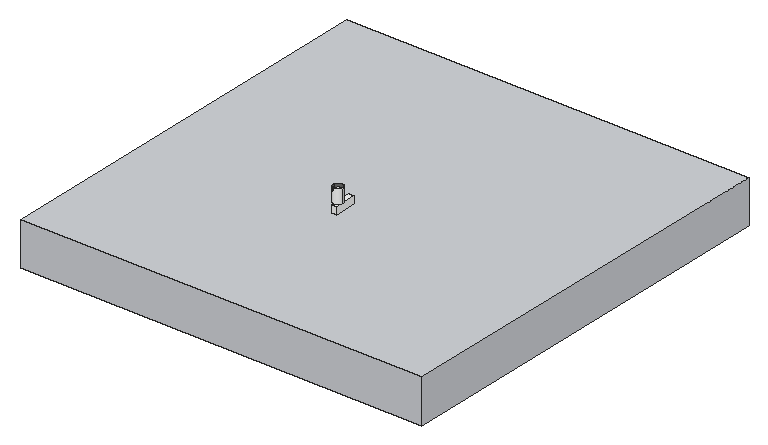
Revit family "Zumtobel SUP2 L", category Lighting Fixtures, host Face, Revit 2016
Family settings
  Host = Face
  Part Type = Normal
  Round Connector Dimension = Use Diameter
  OmniClass Number = 23.80.70.11
  OmniClass Title = Luminaries for Internal Lighting
  Cut with Voids When Loaded = No
  Light Source = No
  Shared = No
  Room Calculation Point = No
Parameters (values of type "SUP2 L LED")
  Wattage Comments = ""
  Voltage = 230 V
  URL = "http://www.zumtobel.com/60714998"
  Type Comments = "© Zumtobel. We reserve the right to make technical changes without prior notice."  # constant formula
  Reflector = Zumtobel_Cover_Self_llumination_Opaque
  Model = "60714998"
  Rotation [instance] = -90.00°
  Angle [instance] = 90.00°
  Manufacturer = "Zumtobel Lighting"  # constant formula
  Length = 201 mm  # constant formula
  Lamp = "LED"
  Height = 157 mm  # constant formula
  Description = "LED spot luminaires"  # constant formula
  Default Elevation = 0 mm
  Body [instance] = Zumtobel_Metal_White
  Assembly Code = "D5020200"
  Apparent Load = 0 VA  # constant formula
Reference planes
  plane 1 "Center (Front/Back)": y = 0
  plane 2 "Top": z = 0
  plane 3 "Center (Left/Right)": x = 399.5
  plane 4 "Base": z = 50
Forms (mm)
  Extrusion 1, solid
    sketch origin (116.179, 575, 0) x (1, 0, 0) y (0, 1, 0)
      loop
        line (-1016.679, 1125) -> (-1016.679, -1737.29) -> (1803.321, -1737.29) -> (1803.321, 1125) -> (-1016.679, 1125)
    from 0 to -304.8
  Extrusion 2, solid, material "Zumtobel_Metal_White" <- "Body"
    sketch origin (0, 0, 0) x (1, 0, 0) y (0, 0, 1)
      loop
        line (382.5, 50) -> (382.5, 0) -> (416.5, 0) -> (416.5, 50) -> (382.5, 50)
    from -118.217 to 31.783
Lines and regions (mm)
  reference lines
    curve 1: line (399.5, 0, 50) -> (399.5, -155.398, 50)
Dimensions and locks
  "Rotation": angle plane 1 "Center (Front/Back)" to curve 1
  aligned and locked: Extrusion 1 to plane 2 "Top"
  aligned and locked: Extrusion 1 to level
  aligned and locked: plane 3 "Center (Left/Right)" to curve 1
  aligned and locked: plane 1 "Center (Front/Back)" to curve 1
Automatic sketch dimensions
  Extrusion 1 sketch curve to Extrusion 1 sketch curve = 2820 mm
  Extrusion 1 sketch curve to Extrusion 1 sketch curve = 2862.29 mm
  Extrusion 2 sketch curve to plane 4 "Base" = 0 mm
  Extrusion 2 sketch curve to level = 0 mm
  plane 3 "Center (Left/Right)" to Extrusion 2 sketch curve = 17 mm
  Extrusion 2 sketch curve to plane 3 "Center (Left/Right)" = 17 mm
Nested families
  nested 1: "Zumtobel SUP2 L Body" at (599.5, 155, 64), Angle <- "Angle", type "Zumtobel SUP2 L Body"
    with Angle 90.00°
Definition of nested family "Zumtobel SUP2 L Body"
  Parameters (values of type "Zumtobel SUP2 L Body")
    Wattage = 8.54304 W
    built-in parameter 1150110 = 1 (stored number, unit not read)
    Voltage = 230 V
    URL = "http://www.zumtobel.com/60714998\r\n42185393"
    Type Comments = "© Zumtobel. We reserve the right to make technical changes without prior notice."  # constant formula
    built-in parameter 1114217 = 1 (stored number, unit not read)
    Tilt Angle = 0.00°
    built-in parameter 1150109 = 1 (stored number, unit not read)
    built-in parameter 1150134 = (empty or 0)
    built-in parameter 1150113 = 1 (stored number, unit not read)
    Photometric Web File = "60714998_(STD_LEO).IES"
    Model = "60714998"
    Manufacturer = "Zumtobel Lighting"  # constant formula
    built-in parameter 1150105 = 3151.1 (stored number, unit not read)
    Lumens = 1269 lm
    built-in parameter 1150115 = 1 (stored number, unit not read)
    built-in parameter 1150137 = (empty or 0)
    built-in parameter 1150139 = (empty or 0)
    built-in parameter 1150112 = 1 (stored number, unit not read)
    built-in parameter 1150114 = 1 (stored number, unit not read)
    Lamp = "LED"
    built-in parameter 1150132 = 2
    built-in parameter 1150102 = (empty or 0)
    built-in parameter 1150107 = 3000 (stored number, unit not read)
    built-in parameter 1150138 = (empty or 0)
    built-in parameter 1150106 = 31.511 (stored number, unit not read)
    built-in parameter 1150104 = 13.8 (stored number, unit not read)
    Dimming Lamp Color Temperature Shift = (empty or 0)
    Description = "LED accent spot"  # constant formula
    Default Elevation = 0 mm
    Cover = none
    Color Filter = 16777215
    Body = none
    built-in parameter 1114218 = 1 (stored number, unit not read)
    built-in parameter 1150133 = 10 (stored number, unit not read)
    Assembly Code = "D5020210"
    Apparent Load = 24 VA
    Angle [instance] = 90.00°
  Reference planes
    plane 1: z = 0
    plane 2 "Center (Front/Back)": y = -155
    plane 3 "Center (Left/Right)": x = -200
    plane 4: z = -14
  Forms (mm)
    Revolve 1, solid, material <- "Body"
      sketch origin (-200, -155, 0) x (0, 0, 1) y (-1, 0, 0)
        loop
          line (75, 0) -> (75, 31.5) -> (93, 31.5) -> (93, 32.5) -> (-2, 32.5) -> (-2, 0) -> (75, 0)
        axis (-2, 0) -> (93, 0)
      angle from 0 to 360
    Extrusion 2, solid, material <- "Body"
      sketch origin (0, 0, 0) x (1, 0, 0) y (0, 1, 0)
        loop
          circle (-200, -155) r 2.5
      from -14 to 0
    Extrusion 3, void
      sketch origin (-200, -212.524, -28.991) x (0, 0, 1) y (0, -1, 0)
        loop
          arc (48.275, -60.524) -> (51.275, -57.524) -> (48.275, -54.524) r 3
          line (48.275, -54.524) -> (14.991, -54.524) -> (14.991, -60.524) -> (48.275, -60.524)
      from -2.5 to 50
  Cuts and joins
    Extrusion 3 cuts Revolve 1
  Lines and regions (mm)
    reference lines
      curve 1: line (-200, -155, 0) -> (-200, -155, 84)
      curve 2: line (-200, -155, 77) -> (-250, -155, 77)
  Dimensions and locks
    "Angle": angle plane 1 to curve 1
    aligned and locked: plane 3 "Center (Left/Right)" to curve 1
    aligned and locked: plane 1 to curve 1
    aligned and locked: imposter light to curve 2  (x2)
  Automatic sketch dimensions
    plane 2 "Center (Front/Back)" to Extrusion 2 sketch curve = 0 mm
    Extrusion 2 sketch curve to plane 3 "Center (Left/Right)" = 0 mm
    curve 2 to curve 1 = 7 mm
    curve 2 to curve 1 = 0 mm
    curve 1 to curve 2 = 50 mm
    curve 1 to Revolve 1 sketch curve = 0 mm
    Revolve 1 sketch curve to curve 1 = 0 mm
    Revolve 1 sketch curve to curve 1 = 2 mm
    Revolve 1 sketch curve to curve 1 = 9 mm
    curve 1 to Revolve 1 sketch curve = 9 mm
    curve 1 to Revolve 1 sketch curve = 31.5 mm
    Revolve 1 sketch curve to Revolve 1 sketch curve = 1 mm
    curve 1 to Revolve 1 sketch curve = 61 mm
    Revolve 1 sketch curve to Revolve 1 sketch curve = 10 mm
    Extrusion 3 sketch curve to curve 1 = 0 mm
    curve 1 to Extrusion 3 sketch curve = 19.283 mm
    Extrusion 3 sketch curve to curve 1 = 3 mm
    Extrusion 3 sketch curve to curve 1 = 14 mm
    radius of Extrusion 2 sketch curve = 2.5 mm
